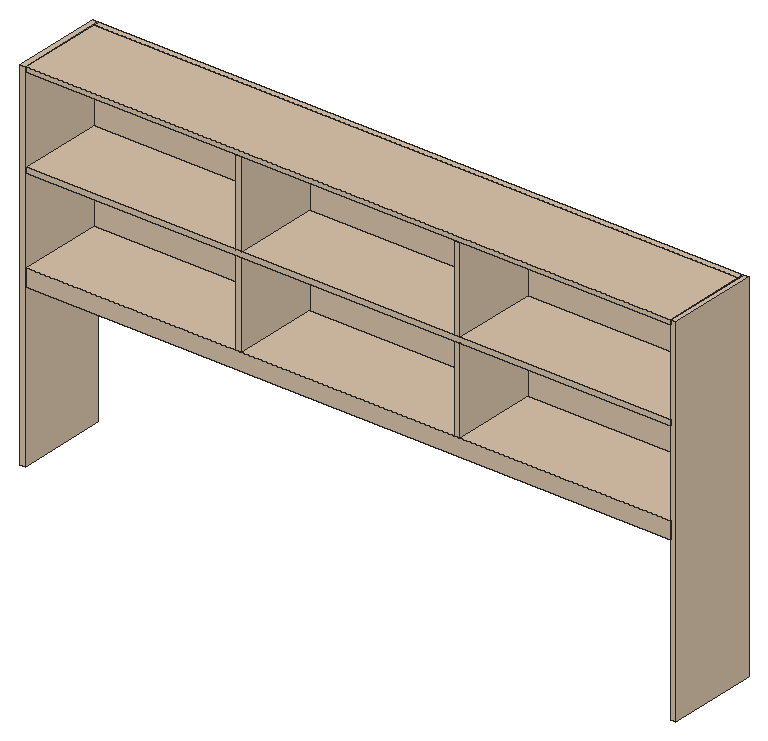
Revit family "Haworth_Masters_VerticalStorage", category Furniture Systems, Revit 2018
Family settings
  Round Connector Dimension = Use Diameter
  Part Type = Normal
  OmniClass Number = 23.40.70.14.64.21
  OmniClass Title = Systems Furniture
  Work Plane-Based = No
  Always vertical = Yes
  Cut with Voids When Loaded = No
  Shared = No
  Room Calculation Point = No
Parameters (values of type "Open")
  Vertical Storage = yes
  Two High Two Divider = and(Two High, Divider 2)  # yes
  Two High One Divider = and(Two High, Divider 1)  # yes
  Two High = yes
  Solid Doors = no
  Sliding Door Width = if(Actual Width < 78", (Actual Width / 2) - 1/32", (Actual Width / 3) - 1/16")  # 31 15/16"
  Sliding Door = no
  Preliminary Doors = Actual Width / Door Width  # 6
  Overhead = not(Vertical Storage)  # no
  Open = not(or(Solid Doors, Glass Doors))  # yes
  One High = not(Two High)  # no
  Letter Depth = not(Legal Depth)  # yes
  Legal Depth = no
  Hinged Doors = not(Sliding Door)  # yes
  Glass Finish = Haworth _ Glass _ Clear
  Glass Doors = no
  Door Width = if(Actual Width < 42", (Actual Width / 2) - 1/32", if(Actual Width < 60", (Actual Width / 3) - 1/16", if(Actual Width < 78", (Actual Width / 4) - 3/16", (Actual Width / 6) - 5/32")))  # 15 27/32"
  Width = 96"
  Warranty = "http://www.haworth.com/resources/product-info/warranties"
  URL - Product = "http://www.haworth.com/products/desks/freestanding/masters-series"
  Sustainability Info = "http://www.haworth.com/company-info/sustainablility"
  Model = "Haworth - Masters - Vertical Storage"  # constant formula
  Door Height = if(One High, 14", 26 5/8")  # 26 5/8"
  Door Finish = Haworth _ Wood _ White Oak
  Divider 2 Location = Actual Width / 3  # 32"
  Divider 1 Location = if(and(Sliding Door, Actual Width < 78"), Actual Width / 2, if(or(Actual Width = 60", and(Actual Width > 60", Actual Width < 78")), Actual Width / 2, if(and(Hinged Doors, Actual Width < 60", Actual Width > 42"), Actual Width / 3, if(or(and(Sliding Door, Actual Width < 60", Actual Width > 42"), and(Open, Actual Width < 78")), Actual Width / 2, Actual Width / 3))))  # 32"
  Description = "Haworth - Masters - Vertical Storage"  # constant formula
  Dbl Door Size = (Actual Width - (3/16" * 1 / 2 * Actual # of Doors)) / (Actual # of Doors / 2)  # 31 13/16"
  Custom Size = not(or(Width = 30", Width = 36", Width = 42", Width = 48", Width = 54", Width = 60", Width = 66", Width = 72", Width = 78", Width = 84", Width = 90", Width = 96"))  # no
  Cabinet Finish = Haworth _ Wood _ White Oak
  Assembly Code = "E2020200"
  URL = "www.haworth.com"
  Size = "Verify Final Dim. w/ Haworth"  # constant formula
  Revision Number = "3"  # constant formula
  Mounting Offset [instance] = 29"
  Min. Width = 30"  # constant formula
  Max. Width = 96"  # constant formula
  Manufacturer = "Haworth"  # constant formula
  Author = "SHAPE Environments, LLC"  # constant formula
  Standard Widths = "30-96 in. @ 6 in. increments"  # constant formula
  Actual Width = if(Width > Max. Width, Max. Width, if(Width < Min. Width, Min. Width, Width))  # 96"
  Actual One High = if(Two High, 12 13/16", 0")  # 12 13/16"
  Actual Hinged Doors = not(Open)  # no
  Actual Height = if(and(One High, Vertical Storage), 39 7/8", if(and(Two High, Vertical Storage), 52 1/2", if(and(One High, Overhead), 39 7/8" - 23 5/8", 52 1/2" - 23 5/8")))  # 52 1/2"
  Divider 2 = or(Actual Width = 78", Actual Width > 78")  # yes
  Divider 1 = not(and(or(Open, Hinged Doors), Actual Width < 42"))  # yes
  Actual Depth = if(Letter Depth, 14", 16 1/2")  # 14"
  Actual # of Doors = if(Preliminary Doors * Door Width > Actual Width, Preliminary Doors - 1, Preliminary Doors)  # 6
  6 Doors = and(Actual Width > 72", Hinged Doors, not(Open))  # no
  3_4 Doors = and(or(Actual Width = 42", Actual Width > 42"), not(Open), Hinged Doors)  # no
  2nd Pair Start = if(or(Actual Width = 42", and(Actual Width > 42", Actual Width < 60")), Actual Width / 3, if(Actual Width < 42", 0", (Actual Width / Actual # of Doors * 2) + 3/32"))  # 32 3/32"
  2 doors = not(or(Actual Width = 42", Open, Sliding Door, and(Actual Width > 42", Actual Width < 60")))  # no
  1 Door = and(Hinged Doors, not(Open))  # no
  # of Doors = Actual # of Doors  # 6
Types (3): name | Vertical Storage | Solid Doors | Sliding Door | Overhead | Open | Hinged Doors | Actual Hinged Doors | Actual Height | 6 Doors | 3_4 Doors | 2 doors | 1 Door
  Hinged Doors | no | yes | no | yes | no | yes | yes | 28 7/8" | yes | yes | yes | yes
  Open | yes | no | no | no | yes | yes | no | 52 1/2" | no | no | no | no
  Sliding Door | yes | yes | yes | no | no | no | yes | 52 1/2" | no | no | no | no
Reference planes (in)
  plane 1 "Back": y = -2.5
  plane 2: z = 0
  plane 3 "Center L/R": x = 6.5
  plane 4 "Top": z = 81.5
  plane 5 "left": x = -41.5
  plane 6 "right": x = 54.5
  plane 7 "Inside Right": x = 53.75
  plane 8 "Inside Left": x = -40.75
  plane 9 "Top of Shelf": z = 55.125
  plane 10 "Door Thickness": y = -15.75
  plane 11 "Front": y = -15
  plane 12 "bottom of apron": z = 52.625
  plane 13 "Apron Set Back": y = -15.25
  plane 14 "Back of Apron": y = -14.5
  plane 15: y = -1.75
  plane 16 "Divider - Left Side": x = 6.125
  plane 17 "Divider - Right Side": x = 6.875
  plane 18: z = 29
  plane 19: z = 80.75
  plane 20: z = 53.6875
  plane 21: z = 67.9375
  plane 22: z = 54.375
  plane 23: x = -9.5
  plane 24 "Divider 2 Location": x = 22.5
  plane 25: z = 68.3125
  plane 26: z = 67.5625
  plane 27: x = -9.6875
  plane 28: x = -9.40625
  plane 29: x = 22.6875
  plane 30: x = 22.40625
  plane 31: z = 68.1875
  plane 32: z = 54.875
  plane 33: y = -1.75
  plane 34: y = -4.25
  plane 35: x = -9.875
  plane 36: x = -9.125
  plane 37: x = 22.875
  plane 38: x = 22.125
Forms (in)
  Extrusion 1, solid, material "Haworth _ Wood _ White Oak" <- "Cabinet Finish"
    sketch origin (0, 0, 0) x (1, 0, 0) y (0, 1, 0)
      loop
        line (-41.5, -1.75) -> (-41.5, -15) -> (-40.75, -15) -> (-40.75, -1.75) -> (-41.5, -1.75)
    from 29 to 81.5
  Extrusion 2, solid, material "Haworth _ Wood _ White Oak" <- "Cabinet Finish"
    sketch origin (0, 0, 0) x (1, 0, 0) y (0, 1, 0)
      loop
        line (53.75, -1.75) -> (53.75, -15) -> (54.5, -15) -> (54.5, -1.75) -> (53.75, -1.75)
    from 29 to 81.5
  Extrusion 3, solid, material "Haworth _ Wood _ White Oak" <- "Cabinet Finish"
    sketch origin (-41.5, 0, 0) x (0, 0, 1) y (0, -1, 0)
      loop
        line (81.5, 2.5) -> (52.625, 2.5) -> (52.625, 1.75) -> (81.5, 1.75) -> (81.5, 2.5)
    from 0.75 to 95.25
  Extrusion 4, solid, material "Haworth _ Wood _ White Oak" <- "Cabinet Finish"
    sketch origin (-41.5, 0, 0) x (0, 0, 1) y (0, -1, 0)
      loop
        line (55.125, 2.5) -> (55.125, 15) -> (52.625, 15) -> (52.625, 14.5) -> (54.375, 14.5) -> (54.375, 4.25) -> (52.625, 4.25) -> (52.625, 2.5) -> (55.125, 2.5)
    from 0.75 to 95.25
  Extrusion 5, solid, material "Haworth _ Wood _ White Oak" <- "Cabinet Finish"
    sketch origin (-41.5, 0, 0) x (0, 0, 1) y (0, -1, 0)
      loop
        line (81.5, 2.5) -> (81.5, 15) -> (80.75, 15) -> (80.75, 2.5) -> (81.5, 2.5)
    from 0.75 to 95.25
  Extrusion 6, solid, material "Haworth _ Wood _ White Oak" <- "Cabinet Finish", visible <- "Two High"
    sketch origin (-41.5, 0, 24.71875) x (0, 0, 1) y (0, -1, 0)
      loop
        line (43.59375, 2.5) -> (43.59375, 15) -> (42.84375, 15) -> (42.84375, 2.5) -> (43.59375, 2.5)
    from 0.75 to 95.25
  Extrusion 7, solid, material "Haworth _ Wood _ White Oak" <- "Cabinet Finish", visible <- "Divider 1"
    sketch origin (31.625, 0, 0) x (1, 0, 0) y (0, 1, 0)
      loop
        line (-41.5, -2.5) -> (-41.5, -15) -> (-40.75, -15) -> (-40.75, -2.5) -> (-41.5, -2.5)
    from 68.3125 to 80.75
  Extrusion 8, solid, material "Haworth _ Wood _ White Oak" <- "Cabinet Finish", visible <- "Divider 2"
    sketch origin (63.625, 0, 0) x (1, 0, 0) y (0, 1, 0)
      loop
        line (-41.5, -2.5) -> (-41.5, -15) -> (-40.75, -15) -> (-40.75, -2.5) -> (-41.5, -2.5)
    from 68.3125 to 80.75
  Extrusion 9, solid, material "Haworth _ Wood _ White Oak" <- "Cabinet Finish", visible <- "Two High One Divider"
    sketch origin (31.625, 0, -13.1875) x (1, 0, 0) y (0, 1, 0)
      loop
        line (-41.5, -2.5) -> (-41.5, -15) -> (-40.75, -15) -> (-40.75, -2.5) -> (-41.5, -2.5)
    from 68.3125 to 80.75
  Extrusion 10, solid, material "Haworth _ Wood _ White Oak" <- "Cabinet Finish", visible <- "Two High Two Divider"
    sketch origin (63.625, 0, -13.1875) x (1, 0, 0) y (0, 1, 0)
      loop
        line (-41.5, -2.5) -> (-41.5, -15) -> (-40.75, -15) -> (-40.75, -2.5) -> (-41.5, -2.5)
    from 68.3125 to 80.75
Lines and regions (in)
  Masking region 1
    outline origin (0, 0, 0) x (1, 0, 0) y (0, 1, 0)
      loop
        line (-41.5, -1.75) -> (-41.5, -15.75) -> (54.5, -15.75) -> (54.5, -1.75) -> (-41.5, -1.75)
  symbolic lines, style "Haworth Hidden", detail levels fine
    curve 1: line (-9.125, -15, 0) -> (-9.875, -15, 0)
    curve 2: line (-9.125, -2.5, 0) -> (-9.125, -15, 0)
    curve 3: line (-9.875, -2.5, 0) -> (-9.125, -2.5, 0)
    curve 4: line (-9.875, -15, 0) -> (-9.875, -2.5, 0)
  symbolic lines, style "Haworth Hidden", visible <- "Divider 2", detail levels fine
    curve 5: line (22.875, -2.5, 0) -> (22.125, -2.5, 0)
    curve 6: line (22.875, -15, 0) -> (22.875, -2.5, 0)
    curve 7: line (22.125, -15, 0) -> (22.875, -15, 0)
    curve 8: line (22.125, -2.5, 0) -> (22.125, -15, 0)
Dimensions and locks (in)
  equal spacing: plane 6 "right", plane 3 "Center L/R", plane 5 "left"
  "Actual Width": plane 6 "right" to plane 5 "left"
  locked: plane 11 "Front" to plane 10 "Door Thickness" at 0.75
  locked: plane 5 "left" to plane 8 "Inside Left" at 0.75
  locked: plane 16 "Divider - Left Side" to plane 3 "Center L/R" at 0.375
  locked: plane 3 "Center L/R" to plane 17 "Divider - Right Side" at 0.375
  plane 6 "right" to plane 7 "Inside Right" = 3/4"
  "Mounting Offset": plane 18 to plane 2
  "Actual Height": plane 4 "Top" to plane 18
  locked: plane 4 "Top" to plane 19 at 0.75
  equal spacing: group 1, group 3, group 4, group 5, group 6, group 2  (x2)
  equal spacing: group 2, group 6, group 5, group 4, group 3, group 1
  "Actual Depth": plane 15 to plane 10 "Door Thickness"
  locked: plane 1 "Back" to plane 15 at 0.75
  locked: Extrusion 6 to Extrusion 6 at 0.75
  "Divider 1 Location": plane 5 "left" to plane 23
  "Divider 2 Location": plane 6 "right" to plane 24 "Divider 2 Location"
  "Actual One High": plane 21 to plane 9 "Top of Shelf"
  plane 9 "Top of Shelf" to plane 22 to plane 20 to plane 12 "bottom of apron" = 3/4" locked, 11/16" locked, 1 1/16" locked
  locked: plane 19 to plane 21 at 12.8125
  plane 25 to plane 21 to plane 26 = 3/8" locked, 3/8" locked
  "2nd Pair Start": plane 28 to plane 5 "left"
  "Dbl Door Size": plane 28 to plane 30
  "Dbl Door Size": plane 27 to plane 5 "left"
  "Dbl Door Size": plane 29 to plane 6 "right"
  "Door Height": plane 4 "Top" to plane 32
  equal spacing: plane 4 "Top", plane 31, plane 32
  aligned and locked: plane 5 "left" to Extrusion 1 sketch curve
  aligned and locked: plane 8 "Inside Left" to Extrusion 1 sketch curve
  aligned and locked: plane 11 "Front" to Extrusion 1 sketch curve
  aligned and locked: plane 11 "Front" to Extrusion 2 sketch curve
  aligned and locked: plane 7 "Inside Right" to Extrusion 2 sketch curve
  aligned and locked: Extrusion 2 sketch curve to plane 6 "right"
  aligned and locked: Extrusion 3 sketch curve to plane 4 "Top"
  aligned and locked: plane 1 "Back" to Extrusion 3 sketch curve
  aligned and locked: Extrusion 4 sketch curve to plane 9 "Top of Shelf"
  aligned and locked: plane 12 "bottom of apron" to Extrusion 4 sketch curve
  aligned and locked: plane 14 "Back of Apron" to Extrusion 4 sketch curve
  aligned and locked: plane 7 "Inside Right" to Extrusion 4
  aligned and locked: plane 8 "Inside Left" to Extrusion 4
  aligned and locked: Extrusion 5 sketch curve to plane 4 "Top"
  aligned and locked: plane 11 "Front" to Extrusion 5 sketch curve
  aligned: Extrusion 1 to plane 18
  aligned and locked: plane 7 "Inside Right" to Extrusion 3
  aligned and locked: plane 7 "Inside Right" to Extrusion 5
  aligned and locked: plane 8 "Inside Left" to Extrusion 3
  aligned and locked: plane 8 "Inside Left" to Extrusion 5
  aligned and locked: plane 4 "Top" to Extrusion 1
  aligned and locked: plane 4 "Top" to Extrusion 2
  aligned and locked: plane 11 "Front" to nested 1
  aligned and locked: Extrusion 1 to plane 11 "Front"
  aligned and locked: nested 2 to plane 10 "Door Thickness"
  aligned and locked: Extrusion 4 sketch curve to plane 1 "Back"
  aligned and locked: plane 15 to Extrusion 1 sketch curve
  aligned and locked: plane 15 to Extrusion 2 sketch curve
  aligned and locked: plane 11 "Front" to Extrusion 4 sketch curve
  aligned and locked: plane 7 "Inside Right" to Extrusion 6
  aligned and locked: Extrusion 6 to plane 1 "Back"
  aligned and locked: plane 4 "Top" to nested 3
  aligned and locked: plane 6 "right" to nested 3
  aligned and locked: plane 11 "Front" to nested 3
  aligned and locked: plane 6 "right" to nested 2
  aligned and locked: Extrusion 7 to plane 1 "Back"
  aligned and locked: plane 19 to Extrusion 7
  aligned and locked: plane 19 to Extrusion 8
  aligned: Extrusion 7 to plane 9 "Top of Shelf"
  aligned: Extrusion 8 to plane 9 "Top of Shelf"
  aligned and locked: plane 4 "Top" to nested 2
  aligned and locked: plane 25 to Extrusion 6
  aligned and locked: Extrusion 6 to plane 26
  aligned and locked: plane 5 "left" to Masking region 1 sketch curve
  aligned and locked: plane 15 to Masking region 1 sketch curve
  aligned and locked: Masking region 1 sketch curve to plane 6 "right"
  aligned and locked: Masking region 1 sketch curve to plane 10 "Door Thickness"
  aligned and locked: curve 1 to Extrusion 7  (x2)
  aligned and locked: Extrusion 7 to curve 4
  aligned and locked: curve 4 to Extrusion 7
  aligned and locked: Extrusion 8 to curve 5
  aligned and locked: curve 5 to Extrusion 8
  aligned and locked: curve 8 to Extrusion 8  (x2)
  aligned and locked: plane 5 "left" to nested 1
  aligned and locked: Extrusion 7 to Extrusion 6
  aligned and locked: Extrusion 7 to plane 19
  aligned and locked: Extrusion 7 to plane 25
  aligned and locked: Extrusion 9 to plane 9 "Top of Shelf"
  aligned and locked: Extrusion 8 to plane 25
  aligned and locked: Extrusion 8 to plane 19
  aligned and locked: plane 26 to Extrusion 10
  aligned and locked: Extrusion 10 to plane 9 "Top of Shelf"
  aligned: Extrusion 2 to plane 12 "bottom of apron"
  aligned and locked: plane 26 to Extrusion 9
  aligned: Extrusion 1 to plane 12 "bottom of apron"
  aligned and locked: Extrusion 1 to plane 18
  aligned and locked: Extrusion 2 to plane 18
  aligned and locked: Extrusion 2 to plane 4 "Top"
  aligned and locked: Extrusion 1 to plane 4 "Top"
  aligned and locked: Extrusion 1 to plane 5 "left"
  aligned and locked: Extrusion 1 to plane 8 "Inside Left"
  aligned and locked: plane 6 "right" to Extrusion 2
  aligned and locked: Extrusion 2 to plane 7 "Inside Right"
  aligned and locked: plane 4 "Top" to nested 1
  aligned and locked: plane 27 to nested 12
  aligned and locked: nested 13 to plane 5 "left"
  aligned and locked: nested 10 to plane 30
  aligned and locked: nested 11 to plane 28
  aligned and locked: nested 8 to plane 6 "right"
  aligned and locked: nested 9 to plane 29
  aligned and locked: plane 31 to nested 13
  aligned and locked: plane 31 to nested 11
  aligned and locked: nested 12 to plane 31
  aligned and locked: nested 10 to plane 31
  aligned and locked: plane 31 to nested 9
  aligned and locked: nested 8 to plane 31
  aligned and locked: Extrusion 5 to plane 1 "Back"
  aligned and locked: Extrusion 5 to plane 19
  aligned and locked: Extrusion 3 to plane 12 "bottom of apron"
  aligned and locked: plane 33 to Extrusion 3
  aligned and locked: Extrusion 6 to plane 11 "Front"
  aligned and locked: Extrusion 4 to plane 22
  aligned and locked: Extrusion 3 to Extrusion 4
  aligned and locked: plane 34 to Extrusion 4
  aligned and locked: Extrusion 4 to plane 11 "Front"
  aligned and locked: Extrusion 4 to plane 14 "Back of Apron"
  aligned and locked: Extrusion 7 to plane 11 "Front"
  aligned and locked: Extrusion 9 to plane 11 "Front"
  aligned and locked: Extrusion 9 to plane 1 "Back"
  aligned and locked: Extrusion 9 to Extrusion 7
  aligned and locked: Extrusion 7 to Extrusion 9
  aligned and locked: Extrusion 9 to plane 36
  aligned and locked: plane 35 to Extrusion 9
  aligned and locked: Extrusion 10 to plane 11 "Front"
  aligned and locked: Extrusion 8 to plane 11 "Front"
  aligned and locked: Extrusion 8 to plane 1 "Back"
  aligned and locked: Extrusion 10 to plane 1 "Back"
  aligned and locked: Extrusion 8 to plane 37
  aligned and locked: plane 38 to Extrusion 8
  aligned and locked: Extrusion 10 to plane 37
  aligned and locked: plane 38 to Extrusion 10
Automatic sketch dimensions
  Extrusion 3 sketch curve to plane 12 "bottom of apron" = 0"
  Extrusion 3 sketch curve to plane 15 = 0"
  Extrusion 4 sketch curve to plane 12 "bottom of apron" = 0"
  Extrusion 4 sketch curve to plane 22 = 0"
  plane 1 "Back" to Extrusion 4 sketch curve = 1 3/4"
  plane 15 to Extrusion 5 sketch curve = 3/4"
  Extrusion 5 sketch curve to plane 19 = 0"
  Extrusion 6 sketch curve to plane 1 "Back" = 0"
  Extrusion 6 sketch curve to plane 26 = 0"
  plane 25 to Extrusion 6 sketch curve = 0"
  Extrusion 6 sketch curve to plane 11 "Front" = 0"
  Extrusion 7 sketch curve to plane 11 "Front" = 0"
  Extrusion 7 sketch curve to plane 1 "Back" = 0"
  plane 23 to Extrusion 7 sketch curve = 3/8"
  Extrusion 7 sketch curve to plane 23 = 3/8"
  Extrusion 8 sketch curve to plane 11 "Front" = 0"
  Extrusion 8 sketch curve to plane 1 "Back" = 0"
  Extrusion 8 sketch curve to plane 24 "Divider 2 Location" = 3/8"
  plane 24 "Divider 2 Location" to Extrusion 8 sketch curve = 3/8"
  Extrusion 9 sketch curve to plane 11 "Front" = 0"
  Extrusion 9 sketch curve to plane 1 "Back" = 0"
  plane 23 to Extrusion 9 sketch curve = 3/8"
  Extrusion 9 sketch curve to plane 23 = 3/8"
  Extrusion 10 sketch curve to plane 11 "Front" = 0"
  Extrusion 10 sketch curve to plane 1 "Back" = 0"
  Extrusion 10 sketch curve to plane 24 "Divider 2 Location" = 3/8"
  plane 24 "Divider 2 Location" to Extrusion 10 sketch curve = 3/8"
Nested families (in)
  nested 1: "Haworth_Door-Panel-Translucent_Swing" at (-34.50833, -15.34476, 54.875), visible <- "Hinged Doors", Solid Door <- "Solid Doors", Translucent Door <- "Glass Doors", type "Swing Door"
    with Translucent Door no, Solid Door no
  nested 2: "Haworth_Door-Panel-Translucent_Swing" at (45.64792, -15.34476, 54.875), visible <- "Hinged Doors", Solid Door <- "Solid Doors", Translucent Door <- "Glass Doors", type "Swing Door"
    with Translucent Door no, Solid Door no
  nested 3: "Haworth_Door-Panel-Translucent_Swing" at (37.60105, -15.34476, 54.875), Solid Door <- "Solid Doors", Translucent Door <- "Glass Doors", visible <- "Sliding Door", type "Sliding Door"
    with Translucent Door no, Solid Door no
  nested 4: "Haworth_Door-Panel-Translucent_Swing" at (-18.47708, -15.34476, 54.875), visible <- "Hinged Doors", Solid Door <- "Solid Doors", Translucent Door <- "Glass Doors", type "Swing Door"
    with Translucent Door no, Solid Door no
  nested 5: "Haworth_Door-Panel-Translucent_Swing" at (-2.44583, -15.34476, 54.875), visible <- "Hinged Doors", Solid Door <- "Solid Doors", Translucent Door <- "Glass Doors", type "Swing Door"
    with Translucent Door no, Solid Door no
  nested 6: "Haworth_Door-Panel-Translucent_Swing" at (13.58542, -15.34476, 54.875), visible <- "Hinged Doors", Solid Door <- "Solid Doors", Translucent Door <- "Glass Doors", type "Swing Door"
    with Translucent Door no, Solid Door no
  nested 7: "Haworth_Door-Panel-Translucent_Swing" at (29.61667, -15.34476, 54.875), visible <- "Hinged Doors", Solid Door <- "Solid Doors", Translucent Door <- "Glass Doors", type "Swing Door"
    with Translucent Door no, Solid Door no
  nested 8: "Door Swing" at (45.87707, -15.75, 67.24197) x (1, 0, 0) z (0, 1, 0), visible <- "6 Doors", type "Door Swing"
  nested 9: "Door Swing" at (31.31043, -15.75, 67.24197) x (-1, 0, 0) z (0, 1, 0), visible <- "6 Doors", type "Door Swing"
  nested 10: "Door Swing" at (13.78332, -15.75, 67.24197) x (1, 0, 0) z (0, 1, 0), visible <- "3_4 Doors", type "Door Swing"
  nested 11: "Door Swing" at (-0.78332, -15.75, 67.24197) x (-1, 0, 0) z (0, 1, 0), visible <- "3_4 Doors", type "Door Swing"
  nested 12: "Door Swing" at (-18.31043, -15.75, 67.24197) x (1, 0, 0) z (0, 1, 0), visible <- "2 doors", type "Door Swing"
  nested 13: "Door Swing" at (-32.87707, -15.75, 67.24197) x (-1, 0, 0) z (0, 1, 0), visible <- "1 Door", type "Door Swing"
Definition of nested family "Haworth_Door-Panel-Translucent_Swing"
  Parameters
    URL = "www.haworth.com"
    Translucent Door [instance] = no
    Swing Door = not(Sliding Door)  # yes
    Solid Door [instance] = yes
    Sliding Door = no
    Revision Number = "1"  # constant formula
    Revision Date = ""
    Rail_Style Width = 1 1/2"  # constant formula
    Glass Width = Door Width - (2 * Rail_Style Width)  # 12 27/32"
    Glass Height = Door Height - (2 * Rail_Style Width)  # 11"
    Glass Finish = none
    Front Finish = none
    Door Pull Length = 8"
    Assembly Code = ""
    Door Width = 15 27/32"
    Door Height = 14"
    Door Finish = none
    Door Depth = 3/4"
    Manufacturer = "Haworth"  # constant formula
    Author = "SHAPE Environments, LLC"  # constant formula
  Reference planes (in)
    plane 1 "Center F/B": y = -0.03024
    plane 2: z = 0
    plane 3 "Center L/R": x = 0.9302
    plane 4 "Left": x = -6.99167
    plane 5 "Right": x = 8.85208
    plane 6 "Back": y = 0.34476
    plane 7 "Front": y = -0.40524
    plane 8 "Top": z = 14
    plane 9 "Pull Offset": x = -43.5073
    plane 10 "Door Centerline": z = 7
    plane 11 "Glass Panel Left": x = -5.49167
    plane 12 "Glass Panel Right": x = 7.35208
    plane 13 "Glass Panel Top": z = 12.5
    plane 14 "Glass Panel Bottom": z = 1.5
  Forms (in)
    Extrusion 1, solid, material <- "Door Finish", visible <- "Translucent Door"
      sketch origin (0, -0.03024, 0) x (1, 0, 0) y (0, 0, 1)
        loop
          line (-6.99167, 14) -> (-6.99167, 0) -> (8.85208, 0) -> (8.85208, 14) -> (-6.99167, 14)
        loop
          line (-5.49167, 12.5) -> (-5.49167, 1.5) -> (7.35208, 1.5) -> (7.35208, 12.5) -> (-5.49167, 12.5)
      from -0.375 to 0.375
    Extrusion 2, solid, material <- "Door Finish", visible <- "Solid Door"
      sketch origin (0, 0, 0) x (1, 0, 0) y (0, 1, 0)
        loop
          line (-6.99167, 0.34476) -> (-6.99167, -0.40524) -> (8.85208, -0.40524) -> (8.85208, 0.34476) -> (-6.99167, 0.34476)
      from 0 to 14
  Lines and regions (in)
    Masking region 1
      outline origin (0, 0, 0) x (1, 0, 0) y (0, 1, 0)
        loop
          line (-6.99167, 0.34476) -> (-6.99167, -0.40524) -> (8.85208, -0.40524) -> (8.85208, 0.34476) -> (-6.99167, 0.34476)
    symbolic lines, visible <- "Sliding Door"
      curve 1: line (3.10208, -0.40524, 7) -> (-1.02292, -0.40524, 7)
      curve 2: line (-1.02292, -0.40524, 7) -> (0.03774, -0.40524, 8.06066)
      curve 3: line (-1.02292, -0.40524, 7) -> (0.03774, -0.40524, 5.93934)
  Dimensions and locks (in)
    "Door Height": plane 8 "Top" to level
    equal spacing: plane 6 "Back", plane 1 "Center F/B", plane 7 "Front"
    "Door Depth": plane 6 "Back" to plane 7 "Front"
    equal spacing: plane 4 "Left", plane 3 "Center L/R", plane 5 "Right"
    "Door Width": plane 4 "Left" to plane 5 "Right"
    "Rail_Style Width": plane 11 "Glass Panel Left" to plane 4 "Left"
    "Rail_Style Width": plane 5 "Right" to plane 12 "Glass Panel Right"
    "Rail_Style Width": plane 8 "Top" to plane 13 "Glass Panel Top"
    "Rail_Style Width": plane 14 "Glass Panel Bottom" to level
    equal spacing: plane 8 "Top", plane 10 "Door Centerline", plane 2
    aligned and locked: Extrusion 1 sketch curve to plane 8 "Top"
    aligned and locked: Extrusion 1 sketch curve to plane 5 "Right"
    aligned and locked: plane 4 "Left" to Extrusion 1 sketch curve
    aligned and locked: level to Extrusion 1 sketch curve
    aligned and locked: plane 6 "Back" to Extrusion 1
    aligned and locked: Extrusion 1 to plane 7 "Front"
    aligned and locked: Extrusion 1 to plane 13 "Glass Panel Top"
    aligned and locked: Extrusion 1 to plane 12 "Glass Panel Right"
    aligned and locked: plane 14 "Glass Panel Bottom" to Extrusion 1
    aligned and locked: plane 11 "Glass Panel Left" to Extrusion 1
    aligned and locked: plane 3 "Center L/R" to nested 1
    aligned and locked: nested 1 to plane 14 "Glass Panel Bottom"
    aligned and locked: plane 1 "Center F/B" to nested 1
    aligned and locked: Extrusion 2 sketch curve to Masking region 1  (x2)
    aligned and locked: plane 7 "Front" to Extrusion 2 sketch curve
    aligned and locked: Extrusion 2 sketch curve to plane 5 "Right"
    aligned and locked: plane 8 "Top" to Extrusion 2
    aligned and locked: Extrusion 2 to plane 2
  Automatic sketch dimensions
    Masking region 1 sketch curve to plane 4 "Left" = 0"
    Masking region 1 sketch curve to plane 5 "Right" = 0"
    Masking region 1 sketch curve to plane 7 "Front" = 0"
    Masking region 1 sketch curve to plane 6 "Back" = 0"
    curve 1 to plane 10 "Door Centerline" = 0"
    curve 1 to plane 12 "Glass Panel Right" = 4 1/4"
    plane 10 "Door Centerline" to curve 2 = 1.06066"
    plane 11 "Glass Panel Left" to curve 2 = 5.52941"
    curve 3 to plane 10 "Door Centerline" = 1.06066"
    curve 3 to curve 2 = 0"
    Extrusion 1 sketch curve to plane 11 "Glass Panel Left" = 0"
    Extrusion 1 sketch curve to plane 12 "Glass Panel Right" = 0"
    Extrusion 1 sketch curve to plane 14 "Glass Panel Bottom" = 0"
    Extrusion 1 sketch curve to plane 13 "Glass Panel Top" = 0"
  Nested families (in)
    nested 1: "Haworth_Panel_Glass" at (-0.25, 0, 1.5), visible <- "Translucent Door", type "Door Glass"
  Definition of nested family "Haworth_Panel_Glass"
    Parameters
      Panel Width = 34 1/2"
      Panel Height = 14 1/4"
      Panel Finish = none
      Panel Depth = 1/4"
      Assembly Code = ""
    Reference planes (in)
      plane 1 "Center F/B": y = -0.03024
      plane 2: z = 0
      plane 3 "Center L/R": x = 1.1802
      plane 4 "Left": x = -16.0698
      plane 5 "Right": x = 18.4302
      plane 6 "Back": y = 0.09476
      plane 7 "Front": y = -0.15524
      plane 8 "Top": z = 14.25
    Forms (in)
      Extrusion 1, solid, material <- "Panel Finish"
        sketch origin (0, -0.03024, 0) x (1, 0, 0) y (0, 0, 1)
          loop
            line (-16.0698, 14.25) -> (-16.0698, 0) -> (18.4302, 0) -> (18.4302, 14.25) -> (-16.0698, 14.25)
        from -0.125 to 0.125
    Dimensions and locks (in)
      "Panel Height": plane 8 "Top" to level
      equal spacing: plane 6 "Back", plane 1 "Center F/B", plane 7 "Front"
      "Panel Depth": plane 6 "Back" to plane 7 "Front"
      equal spacing: plane 4 "Left", plane 3 "Center L/R", plane 5 "Right"
      "Panel Width": plane 4 "Left" to plane 5 "Right"
      aligned and locked: plane 4 "Left" to Extrusion 1 sketch curve
      aligned and locked: Extrusion 1 sketch curve to plane 8 "Top"
      aligned and locked: level to Extrusion 1 sketch curve
      aligned and locked: Extrusion 1 sketch curve to plane 5 "Right"
      aligned and locked: plane 6 "Back" to Extrusion 1
      aligned and locked: Extrusion 1 to plane 7 "Front"
Definition of nested family "Door Swing"
  Parameters
    Door Width = 12"
    Door Height = 12"
  Reference planes (in)
    plane 1 "Center (Front/Back)": y = -0.94553
    plane 2: z = 0
    plane 3 "Center (Left/Right)": x = 0.70105
    plane 4: y = 5.05447
    plane 5: y = -6.94553
    plane 6: x = -5.29895
    plane 7: x = 6.70105
  Lines and regions (in)
    detail lines, in view "Ref. Level"
      curve 1: line (-5.29895, 5.05447, 0) -> (6.70105, -0.94553, 0)
      curve 2: line (6.70105, -0.94553, 0) -> (-5.29895, -6.94553, 0)
  Dimensions and locks (in)
    equal spacing: plane 6, plane 3 "Center (Left/Right)", plane 7
    equal spacing: plane 5, plane 1 "Center (Front/Back)", plane 4
    "Door Height": plane 5 to plane 4
    "Door Width": plane 6 to plane 7
  Automatic sketch dimensions
    curve 2 to plane 5 = 0"
    curve 2 to plane 6 = 0"
    curve 1 to plane 4 = 0"
    curve 1 to plane 6 = 0"
    curve 2 to plane 7 = 0"
    plane 1 "Center (Front/Back)" to curve 1 = 0"
